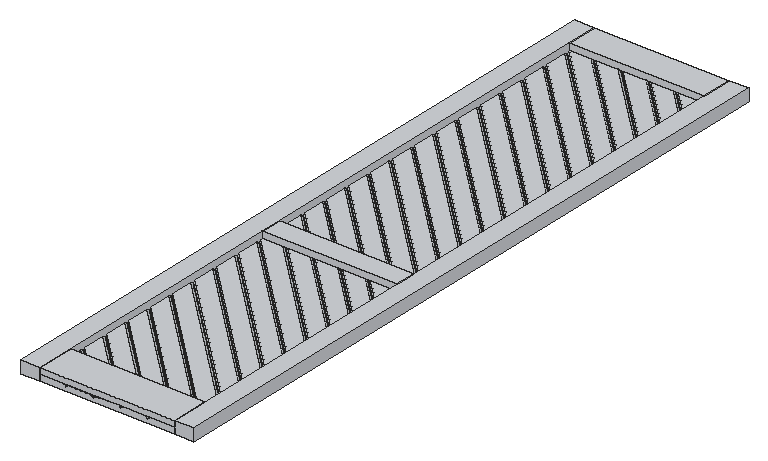
Revit family "Diagonal Panel", category Generic Models, Revit 2017
Family settings
  Can host rebar = No
  Round Connector Dimension = Use Diameter
  Part Type = Normal
  Work Plane-Based = Yes
  Always vertical = No
  Cut with Voids When Loaded = No
  Shared = No
  Room Calculation Point = No
Parameters
  V Groove Span = (Shutter Height * 2) + (Shutter Width * 2)  # 15' - 0"
  V Groove Spacing = 0' - 2"
  URL = "www.newhorizonshutters.com"
  Type Comments = "****All shutter dimensions and configurations to be approved by NHSI****"
  Top Rail = 0' - 3 1/4"
  Shutter Width = 1' - 6"
  Shutter Height = 6' - 0"
  Number Of V Grooves = V Groove Span / V Groove Spacing  # 90
  Model = "Classic Diagonal Panel"
  Mid Rail Height = 2' - 6"
  Mid Rail = 0' - 2 1/4"
  Manufacturer = "New Horizon Shutters"
  Finish Color = none
  Default Elevation = 4' - 0"
  Bottom Rail = 0' - 4"
Reference planes (in)
  plane 1 "Center (Front/Back)": y = 0
  plane 2: z = 0
  plane 3 "Center (Left/Right)": x = 0
  plane 4: y = 36
  plane 5: y = -36
  plane 6: x = 9
  plane 7: x = -9
  plane 8: x = -7
  plane 9: x = 7
  plane 10: z = 0.625
  plane 11: z = 1.25
  plane 12: through (-8.13111, 8.13111, 48) normal (0.7071, 0.7071, 0)
  plane 13: through (-41.14378, 169.57946, 48) normal (0.7071, 0.7071, 0)
  plane 14: through (101.52637, -227.64912, 48) normal (-0.7071, -0.7071, 0)
  plane 15: through (-157.08092, 158.23738, 48) normal (0.7071, 0.7071, 0)
  plane 16: y = 32.75
  plane 17: y = -7.125
  plane 18: y = -32
  plane 19: y = -6
  plane 20: y = -4.875
Forms (in)
  Extrusion 1, solid, material <- "Finish Color"
    sketch origin (0, 0, 0) x (1, 0, 0) y (0, 1, 0)
      loop
        line (-7, 36) -> (-7, -36) -> (7, -36) -> (7, 36) -> (-7, 36)
    from 0 to 0.625
  Extrusion 2, void
    sketch origin (92.57171, 39.42716, 0) x (0.707107, 0.707107, 0) y (0, 0, 1)
      loop
        line (-2.66463, 0.47993) -> (-2.51955, 0.625) -> (-2.89455, 0.625) -> (-2.74948, 0.47993)
        arc (-2.74948, 0.47993) -> (-2.70705, 0.46235) -> (-2.66463, 0.47993) r 0.06
    from -186.5827 to 195.18335
  Extrusion 3, void
    sketch origin (-34.44235, -87.5869, 0) x (0.707107, 0.707107, 0) y (0, 0, 1)
      loop
        line (-2.66463, 0.47993) -> (-2.51955, 0.625) -> (-2.89455, 0.625) -> (-2.74948, 0.47993)
        arc (-2.74948, 0.47993) -> (-2.70705, 0.46235) -> (-2.66463, 0.47993) r 0.06
    from -186.5827 to 195.18335
  Extrusion 4, void
    sketch origin (91.14459, 38.00003, 0) x (0.707107, 0.707107, 0) y (0, 0, 1)
      loop
        line (-2.66463, 0.47993) -> (-2.51955, 0.625) -> (-2.89455, 0.625) -> (-2.74948, 0.47993)
        arc (-2.74948, 0.47993) -> (-2.70705, 0.46235) -> (-2.66463, 0.47993) r 0.06
    from -186.5827 to 195.18335
  Extrusion 5, void
    sketch origin (89.71746, 36.57291, 0) x (0.707107, 0.707107, 0) y (0, 0, 1)
      loop
        line (-2.66463, 0.47993) -> (-2.51955, 0.625) -> (-2.89455, 0.625) -> (-2.74948, 0.47993)
        arc (-2.74948, 0.47993) -> (-2.70705, 0.46235) -> (-2.66463, 0.47993) r 0.06
    from -186.5827 to 195.18335
  Extrusion 6, void
    sketch origin (88.29034, 35.14578, 0) x (0.707107, 0.707107, 0) y (0, 0, 1)
      loop
        line (-2.66463, 0.47993) -> (-2.51955, 0.625) -> (-2.89455, 0.625) -> (-2.74948, 0.47993)
        arc (-2.74948, 0.47993) -> (-2.70705, 0.46235) -> (-2.66463, 0.47993) r 0.06
    from -186.5827 to 195.18335
  Extrusion 7, void
    sketch origin (86.86321, 33.71866, 0) x (0.707107, 0.707107, 0) y (0, 0, 1)
      loop
        line (-2.66463, 0.47993) -> (-2.51955, 0.625) -> (-2.89455, 0.625) -> (-2.74948, 0.47993)
        arc (-2.74948, 0.47993) -> (-2.70705, 0.46235) -> (-2.66463, 0.47993) r 0.06
    from -186.5827 to 195.18335
  Extrusion 8, void
    sketch origin (85.43609, 32.29154, 0) x (0.707107, 0.707107, 0) y (0, 0, 1)
      loop
        line (-2.66463, 0.47993) -> (-2.51955, 0.625) -> (-2.89455, 0.625) -> (-2.74948, 0.47993)
        arc (-2.74948, 0.47993) -> (-2.70705, 0.46235) -> (-2.66463, 0.47993) r 0.06
    from -186.5827 to 195.18335
  Extrusion 9, void
    sketch origin (84.00896, 30.86441, 0) x (0.707107, 0.707107, 0) y (0, 0, 1)
      loop
        line (-2.66463, 0.47993) -> (-2.51955, 0.625) -> (-2.89455, 0.625) -> (-2.74948, 0.47993)
        arc (-2.74948, 0.47993) -> (-2.70705, 0.46235) -> (-2.66463, 0.47993) r 0.06
    from -186.5827 to 195.18335
  Extrusion 10, void
    sketch origin (82.58184, 29.43729, 0) x (0.707107, 0.707107, 0) y (0, 0, 1)
      loop
        line (-2.66463, 0.47993) -> (-2.51955, 0.625) -> (-2.89455, 0.625) -> (-2.74948, 0.47993)
        arc (-2.74948, 0.47993) -> (-2.70705, 0.46235) -> (-2.66463, 0.47993) r 0.06
    from -186.5827 to 195.18335
  Extrusion 11, void
    sketch origin (81.15472, 28.01016, 0) x (0.707107, 0.707107, 0) y (0, 0, 1)
      loop
        line (-2.66463, 0.47993) -> (-2.51955, 0.625) -> (-2.89455, 0.625) -> (-2.74948, 0.47993)
        arc (-2.74948, 0.47993) -> (-2.70705, 0.46235) -> (-2.66463, 0.47993) r 0.06
    from -186.5827 to 195.18335
  Extrusion 12, void
    sketch origin (79.72759, 26.58304, 0) x (0.707107, 0.707107, 0) y (0, 0, 1)
      loop
        line (-2.66463, 0.47993) -> (-2.51955, 0.625) -> (-2.89455, 0.625) -> (-2.74948, 0.47993)
        arc (-2.74948, 0.47993) -> (-2.70705, 0.46235) -> (-2.66463, 0.47993) r 0.06
    from -186.5827 to 195.18335
  Extrusion 13, void
    sketch origin (78.30047, 25.15592, 0) x (0.707107, 0.707107, 0) y (0, 0, 1)
      loop
        line (-2.66463, 0.47993) -> (-2.51955, 0.625) -> (-2.89455, 0.625) -> (-2.74948, 0.47993)
        arc (-2.74948, 0.47993) -> (-2.70705, 0.46235) -> (-2.66463, 0.47993) r 0.06
    from -186.5827 to 195.18335
  Extrusion 14, void
    sketch origin (76.87334, 23.72879, 0) x (0.707107, 0.707107, 0) y (0, 0, 1)
      loop
        line (-2.66463, 0.47993) -> (-2.51955, 0.625) -> (-2.89455, 0.625) -> (-2.74948, 0.47993)
        arc (-2.74948, 0.47993) -> (-2.70705, 0.46235) -> (-2.66463, 0.47993) r 0.06
    from -186.5827 to 195.18335
  Extrusion 15, void
    sketch origin (75.44622, 22.30167, 0) x (0.707107, 0.707107, 0) y (0, 0, 1)
      loop
        line (-2.66463, 0.47993) -> (-2.51955, 0.625) -> (-2.89455, 0.625) -> (-2.74948, 0.47993)
        arc (-2.74948, 0.47993) -> (-2.70705, 0.46235) -> (-2.66463, 0.47993) r 0.06
    from -186.5827 to 195.18335
  Extrusion 16, void
    sketch origin (74.0191, 20.87454, 0) x (0.707107, 0.707107, 0) y (0, 0, 1)
      loop
        line (-2.66463, 0.47993) -> (-2.51955, 0.625) -> (-2.89455, 0.625) -> (-2.74948, 0.47993)
        arc (-2.74948, 0.47993) -> (-2.70705, 0.46235) -> (-2.66463, 0.47993) r 0.06
    from -186.5827 to 195.18335
  Extrusion 17, void
    sketch origin (72.59197, 19.44742, 0) x (0.707107, 0.707107, 0) y (0, 0, 1)
      loop
        line (-2.66463, 0.47993) -> (-2.51955, 0.625) -> (-2.89455, 0.625) -> (-2.74948, 0.47993)
        arc (-2.74948, 0.47993) -> (-2.70705, 0.46235) -> (-2.66463, 0.47993) r 0.06
    from -186.5827 to 195.18335
  Extrusion 18, void
    sketch origin (71.16485, 18.02029, 0) x (0.707107, 0.707107, 0) y (0, 0, 1)
      loop
        line (-2.66463, 0.47993) -> (-2.51955, 0.625) -> (-2.89455, 0.625) -> (-2.74948, 0.47993)
        arc (-2.74948, 0.47993) -> (-2.70705, 0.46235) -> (-2.66463, 0.47993) r 0.06
    from -186.5827 to 195.18335
  Extrusion 19, void
    sketch origin (69.73772, 16.59317, 0) x (0.707107, 0.707107, 0) y (0, 0, 1)
      loop
        line (-2.66463, 0.47993) -> (-2.51955, 0.625) -> (-2.89455, 0.625) -> (-2.74948, 0.47993)
        arc (-2.74948, 0.47993) -> (-2.70705, 0.46235) -> (-2.66463, 0.47993) r 0.06
    from -186.5827 to 195.18335
  Extrusion 20, void
    sketch origin (68.3106, 15.16605, 0) x (0.707107, 0.707107, 0) y (0, 0, 1)
      loop
        line (-2.66463, 0.47993) -> (-2.51955, 0.625) -> (-2.89455, 0.625) -> (-2.74948, 0.47993)
        arc (-2.74948, 0.47993) -> (-2.70705, 0.46235) -> (-2.66463, 0.47993) r 0.06
    from -186.5827 to 195.18335
  Extrusion 21, void
    sketch origin (66.88347, 13.73892, 0) x (0.707107, 0.707107, 0) y (0, 0, 1)
      loop
        line (-2.66463, 0.47993) -> (-2.51955, 0.625) -> (-2.89455, 0.625) -> (-2.74948, 0.47993)
        arc (-2.74948, 0.47993) -> (-2.70705, 0.46235) -> (-2.66463, 0.47993) r 0.06
    from -186.5827 to 195.18335
  Extrusion 22, void
    sketch origin (65.45635, 12.3118, 0) x (0.707107, 0.707107, 0) y (0, 0, 1)
      loop
        line (-2.66463, 0.47993) -> (-2.51955, 0.625) -> (-2.89455, 0.625) -> (-2.74948, 0.47993)
        arc (-2.74948, 0.47993) -> (-2.70705, 0.46235) -> (-2.66463, 0.47993) r 0.06
    from -186.5827 to 195.18335
  Extrusion 23, void
    sketch origin (64.02923, 10.88467, 0) x (0.707107, 0.707107, 0) y (0, 0, 1)
      loop
        line (-2.66463, 0.47993) -> (-2.51955, 0.625) -> (-2.89455, 0.625) -> (-2.74948, 0.47993)
        arc (-2.74948, 0.47993) -> (-2.70705, 0.46235) -> (-2.66463, 0.47993) r 0.06
    from -186.5827 to 195.18335
  Extrusion 24, void
    sketch origin (62.6021, 9.45755, 0) x (0.707107, 0.707107, 0) y (0, 0, 1)
      loop
        line (-2.66463, 0.47993) -> (-2.51955, 0.625) -> (-2.89455, 0.625) -> (-2.74948, 0.47993)
        arc (-2.74948, 0.47993) -> (-2.70705, 0.46235) -> (-2.66463, 0.47993) r 0.06
    from -186.5827 to 195.18335
  Extrusion 25, void
    sketch origin (61.17498, 8.03042, 0) x (0.707107, 0.707107, 0) y (0, 0, 1)
      loop
        line (-2.66463, 0.47993) -> (-2.51955, 0.625) -> (-2.89455, 0.625) -> (-2.74948, 0.47993)
        arc (-2.74948, 0.47993) -> (-2.70705, 0.46235) -> (-2.66463, 0.47993) r 0.06
    from -186.5827 to 195.18335
  Extrusion 26, void
    sketch origin (59.74785, 6.6033, 0) x (0.707107, 0.707107, 0) y (0, 0, 1)
      loop
        line (-2.66463, 0.47993) -> (-2.51955, 0.625) -> (-2.89455, 0.625) -> (-2.74948, 0.47993)
        arc (-2.74948, 0.47993) -> (-2.70705, 0.46235) -> (-2.66463, 0.47993) r 0.06
    from -186.5827 to 195.18335
  Extrusion 27, void
    sketch origin (58.32073, 5.17618, 0) x (0.707107, 0.707107, 0) y (0, 0, 1)
      loop
        line (-2.66463, 0.47993) -> (-2.51955, 0.625) -> (-2.89455, 0.625) -> (-2.74948, 0.47993)
        arc (-2.74948, 0.47993) -> (-2.70705, 0.46235) -> (-2.66463, 0.47993) r 0.06
    from -186.5827 to 195.18335
  Extrusion 28, void
    sketch origin (56.8936, 3.74905, 0) x (0.707107, 0.707107, 0) y (0, 0, 1)
      loop
        line (-2.66463, 0.47993) -> (-2.51955, 0.625) -> (-2.89455, 0.625) -> (-2.74948, 0.47993)
        arc (-2.74948, 0.47993) -> (-2.70705, 0.46235) -> (-2.66463, 0.47993) r 0.06
    from -186.5827 to 195.18335
  Extrusion 29, void
    sketch origin (55.46648, 2.32193, 0) x (0.707107, 0.707107, 0) y (0, 0, 1)
      loop
        line (-2.66463, 0.47993) -> (-2.51955, 0.625) -> (-2.89455, 0.625) -> (-2.74948, 0.47993)
        arc (-2.74948, 0.47993) -> (-2.70705, 0.46235) -> (-2.66463, 0.47993) r 0.06
    from -186.5827 to 195.18335
  Extrusion 30, void
    sketch origin (54.03936, 0.8948, 0) x (0.707107, 0.707107, 0) y (0, 0, 1)
      loop
        line (-2.66463, 0.47993) -> (-2.51955, 0.625) -> (-2.89455, 0.625) -> (-2.74948, 0.47993)
        arc (-2.74948, 0.47993) -> (-2.70705, 0.46235) -> (-2.66463, 0.47993) r 0.06
    from -186.5827 to 195.18335
  Extrusion 31, void
    sketch origin (52.61223, -0.53232, 0) x (0.707107, 0.707107, 0) y (0, 0, 1)
      loop
        line (-2.66463, 0.47993) -> (-2.51955, 0.625) -> (-2.89455, 0.625) -> (-2.74948, 0.47993)
        arc (-2.74948, 0.47993) -> (-2.70705, 0.46235) -> (-2.66463, 0.47993) r 0.06
    from -186.5827 to 195.18335
  Extrusion 32, void
    sketch origin (51.18511, -1.95945, 0) x (0.707107, 0.707107, 0) y (0, 0, 1)
      loop
        line (-2.66463, 0.47993) -> (-2.51955, 0.625) -> (-2.89455, 0.625) -> (-2.74948, 0.47993)
        arc (-2.74948, 0.47993) -> (-2.70705, 0.46235) -> (-2.66463, 0.47993) r 0.06
    from -186.5827 to 195.18335
  Extrusion 33, void
    sketch origin (49.75798, -3.38657, 0) x (0.707107, 0.707107, 0) y (0, 0, 1)
      loop
        line (-2.66463, 0.47993) -> (-2.51955, 0.625) -> (-2.89455, 0.625) -> (-2.74948, 0.47993)
        arc (-2.74948, 0.47993) -> (-2.70705, 0.46235) -> (-2.66463, 0.47993) r 0.06
    from -186.5827 to 195.18335
  Extrusion 34, void
    sketch origin (48.33086, -4.81369, 0) x (0.707107, 0.707107, 0) y (0, 0, 1)
      loop
        line (-2.66463, 0.47993) -> (-2.51955, 0.625) -> (-2.89455, 0.625) -> (-2.74948, 0.47993)
        arc (-2.74948, 0.47993) -> (-2.70705, 0.46235) -> (-2.66463, 0.47993) r 0.06
    from -186.5827 to 195.18335
  Extrusion 35, void
    sketch origin (46.90374, -6.24082, 0) x (0.707107, 0.707107, 0) y (0, 0, 1)
      loop
        line (-2.66463, 0.47993) -> (-2.51955, 0.625) -> (-2.89455, 0.625) -> (-2.74948, 0.47993)
        arc (-2.74948, 0.47993) -> (-2.70705, 0.46235) -> (-2.66463, 0.47993) r 0.06
    from -186.5827 to 195.18335
  Extrusion 36, void
    sketch origin (45.47661, -7.66794, 0) x (0.707107, 0.707107, 0) y (0, 0, 1)
      loop
        line (-2.66463, 0.47993) -> (-2.51955, 0.625) -> (-2.89455, 0.625) -> (-2.74948, 0.47993)
        arc (-2.74948, 0.47993) -> (-2.70705, 0.46235) -> (-2.66463, 0.47993) r 0.06
    from -186.5827 to 195.18335
  Extrusion 37, void
    sketch origin (44.04949, -9.09507, 0) x (0.707107, 0.707107, 0) y (0, 0, 1)
      loop
        line (-2.66463, 0.47993) -> (-2.51955, 0.625) -> (-2.89455, 0.625) -> (-2.74948, 0.47993)
        arc (-2.74948, 0.47993) -> (-2.70705, 0.46235) -> (-2.66463, 0.47993) r 0.06
    from -186.5827 to 195.18335
  Extrusion 38, void
    sketch origin (42.62236, -10.52219, 0) x (0.707107, 0.707107, 0) y (0, 0, 1)
      loop
        line (-2.66463, 0.47993) -> (-2.51955, 0.625) -> (-2.89455, 0.625) -> (-2.74948, 0.47993)
        arc (-2.74948, 0.47993) -> (-2.70705, 0.46235) -> (-2.66463, 0.47993) r 0.06
    from -186.5827 to 195.18335
  Extrusion 39, void
    sketch origin (41.19524, -11.94931, 0) x (0.707107, 0.707107, 0) y (0, 0, 1)
      loop
        line (-2.66463, 0.47993) -> (-2.51955, 0.625) -> (-2.89455, 0.625) -> (-2.74948, 0.47993)
        arc (-2.74948, 0.47993) -> (-2.70705, 0.46235) -> (-2.66463, 0.47993) r 0.06
    from -186.5827 to 195.18335
  Extrusion 40, void
    sketch origin (39.76811, -13.37644, 0) x (0.707107, 0.707107, 0) y (0, 0, 1)
      loop
        line (-2.66463, 0.47993) -> (-2.51955, 0.625) -> (-2.89455, 0.625) -> (-2.74948, 0.47993)
        arc (-2.74948, 0.47993) -> (-2.70705, 0.46235) -> (-2.66463, 0.47993) r 0.06
    from -186.5827 to 195.18335
  Extrusion 41, void
    sketch origin (38.34099, -14.80356, 0) x (0.707107, 0.707107, 0) y (0, 0, 1)
      loop
        line (-2.66463, 0.47993) -> (-2.51955, 0.625) -> (-2.89455, 0.625) -> (-2.74948, 0.47993)
        arc (-2.74948, 0.47993) -> (-2.70705, 0.46235) -> (-2.66463, 0.47993) r 0.06
    from -186.5827 to 195.18335
  Extrusion 42, void
    sketch origin (36.91387, -16.23069, 0) x (0.707107, 0.707107, 0) y (0, 0, 1)
      loop
        line (-2.66463, 0.47993) -> (-2.51955, 0.625) -> (-2.89455, 0.625) -> (-2.74948, 0.47993)
        arc (-2.74948, 0.47993) -> (-2.70705, 0.46235) -> (-2.66463, 0.47993) r 0.06
    from -186.5827 to 195.18335
  Extrusion 43, void
    sketch origin (35.48674, -17.65781, 0) x (0.707107, 0.707107, 0) y (0, 0, 1)
      loop
        line (-2.66463, 0.47993) -> (-2.51955, 0.625) -> (-2.89455, 0.625) -> (-2.74948, 0.47993)
        arc (-2.74948, 0.47993) -> (-2.70705, 0.46235) -> (-2.66463, 0.47993) r 0.06
    from -186.5827 to 195.18335
  Extrusion 44, void
    sketch origin (34.05962, -19.08494, 0) x (0.707107, 0.707107, 0) y (0, 0, 1)
      loop
        line (-2.66463, 0.47993) -> (-2.51955, 0.625) -> (-2.89455, 0.625) -> (-2.74948, 0.47993)
        arc (-2.74948, 0.47993) -> (-2.70705, 0.46235) -> (-2.66463, 0.47993) r 0.06
    from -186.5827 to 195.18335
  Extrusion 45, void
    sketch origin (32.63249, -20.51206, 0) x (0.707107, 0.707107, 0) y (0, 0, 1)
      loop
        line (-2.66463, 0.47993) -> (-2.51955, 0.625) -> (-2.89455, 0.625) -> (-2.74948, 0.47993)
        arc (-2.74948, 0.47993) -> (-2.70705, 0.46235) -> (-2.66463, 0.47993) r 0.06
    from -186.5827 to 195.18335
  Extrusion 46, void
    sketch origin (31.20537, -21.93918, 0) x (0.707107, 0.707107, 0) y (0, 0, 1)
      loop
        line (-2.66463, 0.47993) -> (-2.51955, 0.625) -> (-2.89455, 0.625) -> (-2.74948, 0.47993)
        arc (-2.74948, 0.47993) -> (-2.70705, 0.46235) -> (-2.66463, 0.47993) r 0.06
    from -186.5827 to 195.18335
  Extrusion 47, void
    sketch origin (29.77824, -23.36631, 0) x (0.707107, 0.707107, 0) y (0, 0, 1)
      loop
        line (-2.66463, 0.47993) -> (-2.51955, 0.625) -> (-2.89455, 0.625) -> (-2.74948, 0.47993)
        arc (-2.74948, 0.47993) -> (-2.70705, 0.46235) -> (-2.66463, 0.47993) r 0.06
    from -186.5827 to 195.18335
  Extrusion 48, void
    sketch origin (28.35112, -24.79343, 0) x (0.707107, 0.707107, 0) y (0, 0, 1)
      loop
        line (-2.66463, 0.47993) -> (-2.51955, 0.625) -> (-2.89455, 0.625) -> (-2.74948, 0.47993)
        arc (-2.74948, 0.47993) -> (-2.70705, 0.46235) -> (-2.66463, 0.47993) r 0.06
    from -186.5827 to 195.18335
  Extrusion 49, void
    sketch origin (26.924, -26.22056, 0) x (0.707107, 0.707107, 0) y (0, 0, 1)
      loop
        line (-2.66463, 0.47993) -> (-2.51955, 0.625) -> (-2.89455, 0.625) -> (-2.74948, 0.47993)
        arc (-2.74948, 0.47993) -> (-2.70705, 0.46235) -> (-2.66463, 0.47993) r 0.06
    from -186.5827 to 195.18335
  Extrusion 50, void
    sketch origin (25.49687, -27.64768, 0) x (0.707107, 0.707107, 0) y (0, 0, 1)
      loop
        line (-2.66463, 0.47993) -> (-2.51955, 0.625) -> (-2.89455, 0.625) -> (-2.74948, 0.47993)
        arc (-2.74948, 0.47993) -> (-2.70705, 0.46235) -> (-2.66463, 0.47993) r 0.06
    from -186.5827 to 195.18335
  Extrusion 51, void
    sketch origin (24.06975, -29.07481, 0) x (0.707107, 0.707107, 0) y (0, 0, 1)
      loop
        line (-2.66463, 0.47993) -> (-2.51955, 0.625) -> (-2.89455, 0.625) -> (-2.74948, 0.47993)
        arc (-2.74948, 0.47993) -> (-2.70705, 0.46235) -> (-2.66463, 0.47993) r 0.06
    from -186.5827 to 195.18335
  Extrusion 52, void
    sketch origin (22.64262, -30.50193, 0) x (0.707107, 0.707107, 0) y (0, 0, 1)
      loop
        line (-2.66463, 0.47993) -> (-2.51955, 0.625) -> (-2.89455, 0.625) -> (-2.74948, 0.47993)
        arc (-2.74948, 0.47993) -> (-2.70705, 0.46235) -> (-2.66463, 0.47993) r 0.06
    from -186.5827 to 195.18335
  Extrusion 53, void
    sketch origin (21.2155, -31.92905, 0) x (0.707107, 0.707107, 0) y (0, 0, 1)
      loop
        line (-2.66463, 0.47993) -> (-2.51955, 0.625) -> (-2.89455, 0.625) -> (-2.74948, 0.47993)
        arc (-2.74948, 0.47993) -> (-2.70705, 0.46235) -> (-2.66463, 0.47993) r 0.06
    from -186.5827 to 195.18335
  Extrusion 54, void
    sketch origin (19.78837, -33.35618, 0) x (0.707107, 0.707107, 0) y (0, 0, 1)
      loop
        line (-2.66463, 0.47993) -> (-2.51955, 0.625) -> (-2.89455, 0.625) -> (-2.74948, 0.47993)
        arc (-2.74948, 0.47993) -> (-2.70705, 0.46235) -> (-2.66463, 0.47993) r 0.06
    from -186.5827 to 195.18335
  Extrusion 55, void
    sketch origin (18.36125, -34.7833, 0) x (0.707107, 0.707107, 0) y (0, 0, 1)
      loop
        line (-2.66463, 0.47993) -> (-2.51955, 0.625) -> (-2.89455, 0.625) -> (-2.74948, 0.47993)
        arc (-2.74948, 0.47993) -> (-2.70705, 0.46235) -> (-2.66463, 0.47993) r 0.06
    from -186.5827 to 195.18335
  Extrusion 56, void
    sketch origin (16.93413, -36.21043, 0) x (0.707107, 0.707107, 0) y (0, 0, 1)
      loop
        line (-2.66463, 0.47993) -> (-2.51955, 0.625) -> (-2.89455, 0.625) -> (-2.74948, 0.47993)
        arc (-2.74948, 0.47993) -> (-2.70705, 0.46235) -> (-2.66463, 0.47993) r 0.06
    from -186.5827 to 195.18335
  Extrusion 57, void
    sketch origin (15.507, -37.63755, 0) x (0.707107, 0.707107, 0) y (0, 0, 1)
      loop
        line (-2.66463, 0.47993) -> (-2.51955, 0.625) -> (-2.89455, 0.625) -> (-2.74948, 0.47993)
        arc (-2.74948, 0.47993) -> (-2.70705, 0.46235) -> (-2.66463, 0.47993) r 0.06
    from -186.5827 to 195.18335
  Extrusion 58, void
    sketch origin (14.07988, -39.06467, 0) x (0.707107, 0.707107, 0) y (0, 0, 1)
      loop
        line (-2.66463, 0.47993) -> (-2.51955, 0.625) -> (-2.89455, 0.625) -> (-2.74948, 0.47993)
        arc (-2.74948, 0.47993) -> (-2.70705, 0.46235) -> (-2.66463, 0.47993) r 0.06
    from -186.5827 to 195.18335
  Extrusion 59, void
    sketch origin (12.65275, -40.4918, 0) x (0.707107, 0.707107, 0) y (0, 0, 1)
      loop
        line (-2.66463, 0.47993) -> (-2.51955, 0.625) -> (-2.89455, 0.625) -> (-2.74948, 0.47993)
        arc (-2.74948, 0.47993) -> (-2.70705, 0.46235) -> (-2.66463, 0.47993) r 0.06
    from -186.5827 to 195.18335
  Extrusion 60, void
    sketch origin (11.22563, -41.91892, 0) x (0.707107, 0.707107, 0) y (0, 0, 1)
      loop
        line (-2.66463, 0.47993) -> (-2.51955, 0.625) -> (-2.89455, 0.625) -> (-2.74948, 0.47993)
        arc (-2.74948, 0.47993) -> (-2.70705, 0.46235) -> (-2.66463, 0.47993) r 0.06
    from -186.5827 to 195.18335
  Extrusion 61, void
    sketch origin (9.79851, -43.34605, 0) x (0.707107, 0.707107, 0) y (0, 0, 1)
      loop
        line (-2.66463, 0.47993) -> (-2.51955, 0.625) -> (-2.89455, 0.625) -> (-2.74948, 0.47993)
        arc (-2.74948, 0.47993) -> (-2.70705, 0.46235) -> (-2.66463, 0.47993) r 0.06
    from -186.5827 to 195.18335
  Extrusion 62, void
    sketch origin (8.37138, -44.77317, 0) x (0.707107, 0.707107, 0) y (0, 0, 1)
      loop
        line (-2.66463, 0.47993) -> (-2.51955, 0.625) -> (-2.89455, 0.625) -> (-2.74948, 0.47993)
        arc (-2.74948, 0.47993) -> (-2.70705, 0.46235) -> (-2.66463, 0.47993) r 0.06
    from -186.5827 to 195.18335
  Extrusion 63, void
    sketch origin (6.94426, -46.2003, 0) x (0.707107, 0.707107, 0) y (0, 0, 1)
      loop
        line (-2.66463, 0.47993) -> (-2.51955, 0.625) -> (-2.89455, 0.625) -> (-2.74948, 0.47993)
        arc (-2.74948, 0.47993) -> (-2.70705, 0.46235) -> (-2.66463, 0.47993) r 0.06
    from -186.5827 to 195.18335
  Extrusion 64, void
    sketch origin (5.51713, -47.62742, 0) x (0.707107, 0.707107, 0) y (0, 0, 1)
      loop
        line (-2.66463, 0.47993) -> (-2.51955, 0.625) -> (-2.89455, 0.625) -> (-2.74948, 0.47993)
        arc (-2.74948, 0.47993) -> (-2.70705, 0.46235) -> (-2.66463, 0.47993) r 0.06
    from -186.5827 to 195.18335
  Extrusion 65, void
    sketch origin (4.09001, -49.05454, 0) x (0.707107, 0.707107, 0) y (0, 0, 1)
      loop
        line (-2.66463, 0.47993) -> (-2.51955, 0.625) -> (-2.89455, 0.625) -> (-2.74948, 0.47993)
        arc (-2.74948, 0.47993) -> (-2.70705, 0.46235) -> (-2.66463, 0.47993) r 0.06
    from -186.5827 to 195.18335
  Extrusion 66, void
    sketch origin (2.66288, -50.48167, 0) x (0.707107, 0.707107, 0) y (0, 0, 1)
      loop
        line (-2.66463, 0.47993) -> (-2.51955, 0.625) -> (-2.89455, 0.625) -> (-2.74948, 0.47993)
        arc (-2.74948, 0.47993) -> (-2.70705, 0.46235) -> (-2.66463, 0.47993) r 0.06
    from -186.5827 to 195.18335
  Extrusion 67, void
    sketch origin (1.23576, -51.90879, 0) x (0.707107, 0.707107, 0) y (0, 0, 1)
      loop
        line (-2.66463, 0.47993) -> (-2.51955, 0.625) -> (-2.89455, 0.625) -> (-2.74948, 0.47993)
        arc (-2.74948, 0.47993) -> (-2.70705, 0.46235) -> (-2.66463, 0.47993) r 0.06
    from -186.5827 to 195.18335
  Extrusion 68, void
    sketch origin (-0.19136, -53.33592, 0) x (0.707107, 0.707107, 0) y (0, 0, 1)
      loop
        line (-2.66463, 0.47993) -> (-2.51955, 0.625) -> (-2.89455, 0.625) -> (-2.74948, 0.47993)
        arc (-2.74948, 0.47993) -> (-2.70705, 0.46235) -> (-2.66463, 0.47993) r 0.06
    from -186.5827 to 195.18335
  Extrusion 69, void
    sketch origin (-1.61849, -54.76304, 0) x (0.707107, 0.707107, 0) y (0, 0, 1)
      loop
        line (-2.66463, 0.47993) -> (-2.51955, 0.625) -> (-2.89455, 0.625) -> (-2.74948, 0.47993)
        arc (-2.74948, 0.47993) -> (-2.70705, 0.46235) -> (-2.66463, 0.47993) r 0.06
    from -186.5827 to 195.18335
  Extrusion 70, void
    sketch origin (-3.04561, -56.19017, 0) x (0.707107, 0.707107, 0) y (0, 0, 1)
      loop
        line (-2.66463, 0.47993) -> (-2.51955, 0.625) -> (-2.89455, 0.625) -> (-2.74948, 0.47993)
        arc (-2.74948, 0.47993) -> (-2.70705, 0.46235) -> (-2.66463, 0.47993) r 0.06
    from -186.5827 to 195.18335
  Extrusion 71, void
    sketch origin (-4.47274, -57.61729, 0) x (0.707107, 0.707107, 0) y (0, 0, 1)
      loop
        line (-2.66463, 0.47993) -> (-2.51955, 0.625) -> (-2.89455, 0.625) -> (-2.74948, 0.47993)
        arc (-2.74948, 0.47993) -> (-2.70705, 0.46235) -> (-2.66463, 0.47993) r 0.06
    from -186.5827 to 195.18335
  Extrusion 72, void
    sketch origin (-5.89986, -59.04441, 0) x (0.707107, 0.707107, 0) y (0, 0, 1)
      loop
        line (-2.66463, 0.47993) -> (-2.51955, 0.625) -> (-2.89455, 0.625) -> (-2.74948, 0.47993)
        arc (-2.74948, 0.47993) -> (-2.70705, 0.46235) -> (-2.66463, 0.47993) r 0.06
    from -186.5827 to 195.18335
  Extrusion 73, void
    sketch origin (-7.32699, -60.47154, 0) x (0.707107, 0.707107, 0) y (0, 0, 1)
      loop
        line (-2.66463, 0.47993) -> (-2.51955, 0.625) -> (-2.89455, 0.625) -> (-2.74948, 0.47993)
        arc (-2.74948, 0.47993) -> (-2.70705, 0.46235) -> (-2.66463, 0.47993) r 0.06
    from -186.5827 to 195.18335
  Extrusion 74, void
    sketch origin (-8.75411, -61.89866, 0) x (0.707107, 0.707107, 0) y (0, 0, 1)
      loop
        line (-2.66463, 0.47993) -> (-2.51955, 0.625) -> (-2.89455, 0.625) -> (-2.74948, 0.47993)
        arc (-2.74948, 0.47993) -> (-2.70705, 0.46235) -> (-2.66463, 0.47993) r 0.06
    from -186.5827 to 195.18335
  Extrusion 75, void
    sketch origin (-10.18123, -63.32579, 0) x (0.707107, 0.707107, 0) y (0, 0, 1)
      loop
        line (-2.66463, 0.47993) -> (-2.51955, 0.625) -> (-2.89455, 0.625) -> (-2.74948, 0.47993)
        arc (-2.74948, 0.47993) -> (-2.70705, 0.46235) -> (-2.66463, 0.47993) r 0.06
    from -186.5827 to 195.18335
  Extrusion 76, void
    sketch origin (-11.60836, -64.75291, 0) x (0.707107, 0.707107, 0) y (0, 0, 1)
      loop
        line (-2.66463, 0.47993) -> (-2.51955, 0.625) -> (-2.89455, 0.625) -> (-2.74948, 0.47993)
        arc (-2.74948, 0.47993) -> (-2.70705, 0.46235) -> (-2.66463, 0.47993) r 0.06
    from -186.5827 to 195.18335
  Extrusion 77, void
    sketch origin (-13.03548, -66.18004, 0) x (0.707107, 0.707107, 0) y (0, 0, 1)
      loop
        line (-2.66463, 0.47993) -> (-2.51955, 0.625) -> (-2.89455, 0.625) -> (-2.74948, 0.47993)
        arc (-2.74948, 0.47993) -> (-2.70705, 0.46235) -> (-2.66463, 0.47993) r 0.06
    from -186.5827 to 195.18335
  Extrusion 78, void
    sketch origin (-14.46261, -67.60716, 0) x (0.707107, 0.707107, 0) y (0, 0, 1)
      loop
        line (-2.66463, 0.47993) -> (-2.51955, 0.625) -> (-2.89455, 0.625) -> (-2.74948, 0.47993)
        arc (-2.74948, 0.47993) -> (-2.70705, 0.46235) -> (-2.66463, 0.47993) r 0.06
    from -186.5827 to 195.18335
  Extrusion 79, void
    sketch origin (-15.88973, -69.03428, 0) x (0.707107, 0.707107, 0) y (0, 0, 1)
      loop
        line (-2.66463, 0.47993) -> (-2.51955, 0.625) -> (-2.89455, 0.625) -> (-2.74948, 0.47993)
        arc (-2.74948, 0.47993) -> (-2.70705, 0.46235) -> (-2.66463, 0.47993) r 0.06
    from -186.5827 to 195.18335
  Extrusion 80, void
    sketch origin (-17.31685, -70.46141, 0) x (0.707107, 0.707107, 0) y (0, 0, 1)
      loop
        line (-2.66463, 0.47993) -> (-2.51955, 0.625) -> (-2.89455, 0.625) -> (-2.74948, 0.47993)
        arc (-2.74948, 0.47993) -> (-2.70705, 0.46235) -> (-2.66463, 0.47993) r 0.06
    from -186.5827 to 195.18335
  Extrusion 81, void
    sketch origin (-18.74398, -71.88853, 0) x (0.707107, 0.707107, 0) y (0, 0, 1)
      loop
        line (-2.66463, 0.47993) -> (-2.51955, 0.625) -> (-2.89455, 0.625) -> (-2.74948, 0.47993)
        arc (-2.74948, 0.47993) -> (-2.70705, 0.46235) -> (-2.66463, 0.47993) r 0.06
    from -186.5827 to 195.18335
  Extrusion 82, void
    sketch origin (-20.1711, -73.31566, 0) x (0.707107, 0.707107, 0) y (0, 0, 1)
      loop
        line (-2.66463, 0.47993) -> (-2.51955, 0.625) -> (-2.89455, 0.625) -> (-2.74948, 0.47993)
        arc (-2.74948, 0.47993) -> (-2.70705, 0.46235) -> (-2.66463, 0.47993) r 0.06
    from -186.5827 to 195.18335
  Extrusion 83, void
    sketch origin (-21.59823, -74.74278, 0) x (0.707107, 0.707107, 0) y (0, 0, 1)
      loop
        line (-2.66463, 0.47993) -> (-2.51955, 0.625) -> (-2.89455, 0.625) -> (-2.74948, 0.47993)
        arc (-2.74948, 0.47993) -> (-2.70705, 0.46235) -> (-2.66463, 0.47993) r 0.06
    from -186.5827 to 195.18335
  Extrusion 84, solid, material <- "Finish Color"
    sketch origin (0, 0, 0) x (1, 0, 0) y (0, 1, 0)
      loop
        line (-7, -32) -> (-7, -36) -> (7, -36) -> (7, -32) -> (-7, -32)
    from 0.625 to 1.25
  Extrusion 85, solid, material <- "Finish Color"
    sketch origin (0, 0, 0) x (1, 0, 0) y (0, 1, 0)
      loop
        line (-7, -4.875) -> (-7, -7.125) -> (7, -7.125) -> (7, -4.875) -> (-7, -4.875)
    from 0.625 to 1.25
  Extrusion 86, solid, material <- "Finish Color"
    sketch origin (0, 0, 0) x (1, 0, 0) y (0, 1, 0)
      loop
        line (-7, 36) -> (-7, 32.75) -> (7, 32.75) -> (7, 36) -> (-7, 36)
    from 0.625 to 1.25
  Extrusion 87, solid, material <- "Finish Color"
    sketch origin (0, 0, 0) x (1, 0, 0) y (0, 1, 0)
      loop
        line (-9, 36) -> (-9, -36) -> (-7, -36) -> (-7, 36) -> (-9, 36)
      loop
        line (7, 36) -> (7, -36) -> (9, -36) -> (9, 36) -> (7, 36)
    from 0 to 1.25
  Extrusion 88, void
    sketch origin (-23.02535, -76.1699, 0) x (0.707107, 0.707107, 0) y (0, 0, 1)
      loop
        line (-2.66463, 0.47993) -> (-2.51955, 0.625) -> (-2.89455, 0.625) -> (-2.74948, 0.47993)
        arc (-2.74948, 0.47993) -> (-2.70705, 0.46235) -> (-2.66463, 0.47993) r 0.06
    from -186.5827 to 195.18335
  Extrusion 89, void
    sketch origin (-24.45248, -77.59703, 0) x (0.707107, 0.707107, 0) y (0, 0, 1)
      loop
        line (-2.66463, 0.47993) -> (-2.51955, 0.625) -> (-2.89455, 0.625) -> (-2.74948, 0.47993)
        arc (-2.74948, 0.47993) -> (-2.70705, 0.46235) -> (-2.66463, 0.47993) r 0.06
    from -186.5827 to 195.18335
  Extrusion 90, void
    sketch origin (-25.8796, -79.02415, 0) x (0.707107, 0.707107, 0) y (0, 0, 1)
      loop
        line (-2.66463, 0.47993) -> (-2.51955, 0.625) -> (-2.89455, 0.625) -> (-2.74948, 0.47993)
        arc (-2.74948, 0.47993) -> (-2.70705, 0.46235) -> (-2.66463, 0.47993) r 0.06
    from -186.5827 to 195.18335
  Extrusion 91, void
    sketch origin (-27.30672, -80.45128, 0) x (0.707107, 0.707107, 0) y (0, 0, 1)
      loop
        line (-2.66463, 0.47993) -> (-2.51955, 0.625) -> (-2.89455, 0.625) -> (-2.74948, 0.47993)
        arc (-2.74948, 0.47993) -> (-2.70705, 0.46235) -> (-2.66463, 0.47993) r 0.06
    from -186.5827 to 195.18335
  Extrusion 92, void
    sketch origin (-28.73385, -81.8784, 0) x (0.707107, 0.707107, 0) y (0, 0, 1)
      loop
        line (-2.66463, 0.47993) -> (-2.51955, 0.625) -> (-2.89455, 0.625) -> (-2.74948, 0.47993)
        arc (-2.74948, 0.47993) -> (-2.70705, 0.46235) -> (-2.66463, 0.47993) r 0.06
    from -186.5827 to 195.18335
  Extrusion 93, void
    sketch origin (-30.16097, -83.30553, 0) x (0.707107, 0.707107, 0) y (0, 0, 1)
      loop
        line (-2.66463, 0.47993) -> (-2.51955, 0.625) -> (-2.89455, 0.625) -> (-2.74948, 0.47993)
        arc (-2.74948, 0.47993) -> (-2.70705, 0.46235) -> (-2.66463, 0.47993) r 0.06
    from -186.5827 to 195.18335
  Extrusion 94, void
    sketch origin (-31.5881, -84.73265, 0) x (0.707107, 0.707107, 0) y (0, 0, 1)
      loop
        line (-2.66463, 0.47993) -> (-2.51955, 0.625) -> (-2.89455, 0.625) -> (-2.74948, 0.47993)
        arc (-2.74948, 0.47993) -> (-2.70705, 0.46235) -> (-2.66463, 0.47993) r 0.06
    from -186.5827 to 195.18335
  Extrusion 95, void
    sketch origin (-33.01522, -86.15977, 0) x (0.707107, 0.707107, 0) y (0, 0, 1)
      loop
        line (-2.66463, 0.47993) -> (-2.51955, 0.625) -> (-2.89455, 0.625) -> (-2.74948, 0.47993)
        arc (-2.74948, 0.47993) -> (-2.70705, 0.46235) -> (-2.66463, 0.47993) r 0.06
    from -186.5827 to 195.18335
Cuts and joins
  Extrusion 2, Extrusion 3, Extrusion 4, Extrusion 18, Extrusion 19, Extrusion 20, Extrusion 21, Extrusion 22, Extrusion 23, Extrusion 24, Extrusion 25, Extrusion 26, Extrusion 27, Extrusion 28, Extrusion 29, Extrusion 30, Extrusion 31, Extrusion 32, Extrusion 33, Extrusion 34, Extrusion 35, Extrusion 36, Extrusion 37, Extrusion 38, Extrusion 39, Extrusion 40, Extrusion 41, Extrusion 42, Extrusion 43, Extrusion 44, Extrusion 45, Extrusion 46, Extrusion 47, Extrusion 48, Extrusion 49, Extrusion 50, Extrusion 51, Extrusion 52, Extrusion 53, Extrusion 54, Extrusion 55, Extrusion 56, Extrusion 57, Extrusion 58, Extrusion 59, Extrusion 60, Extrusion 61, Extrusion 62, Extrusion 63, Extrusion 64, Extrusion 65, Extrusion 66, Extrusion 67, Extrusion 68, Extrusion 69, Extrusion 70, Extrusion 71, Extrusion 72, Extrusion 73, Extrusion 74, Extrusion 75, Extrusion 76, Extrusion 77, Extrusion 78, Extrusion 79, Extrusion 80, Extrusion 81, Extrusion 82, Extrusion 83 cuts Extrusion 1
Lines and regions (in)
  reference lines
    curve 1: line (0.13258, 0.13258, 0) -> (-0.13258, -0.13258, 0)
    curve 2: line (-2.40752, 76.57734, 0) -> (-2.14235, 76.8425, 0)
Dimensions and locks (in)
  equal spacing: plane 7, plane 3 "Center (Left/Right)", plane 6
  equal spacing: plane 4, plane 1 "Center (Front/Back)", plane 5
  "Shutter Height": plane 4 to plane 5
  "Shutter Width": plane 7 to plane 6
  locked: plane 7 to plane 8 at 2
  locked: plane 9 to plane 6 at 2
  equal spacing: plane 11, plane 10, level
  plane 11 to level = 0' - 1 1/4"
  equal spacing: group 2, group 90, group 89, group 88, group 87, group 86, group 85, group 84, group 83, group 82, group 81, group 80, group 79, group 78, group 77, group 76, group 75, group 74, group 73, group 72, group 71, group 70, group 69, group 68, group 67, group 66, group 65, group 64, group 63, group 62, group 61, group 60, group 59, group 58, group 57, group 56, group 55, group 54, group 53, group 52, group 51, group 50, group 49, group 48, group 47, group 46, group 45, group 44, group 43, group 42, group 41, group 40, group 39, group 38, group 37, group 36, group 35, group 34, group 33, group 32, group 31, group 30, group 29, group 28, group 27, group 26, group 25, group 24, group 23, group 22, group 21, group 20, group 19, group 18, group 17, group 16, group 15, group 14, group 13, group 12, group 11, group 10, group 9, group 8, group 7, group 6, group 5, group 4, group 3, group 1  (x2)
  equal spacing: group 1, group 3, group 4, group 5, group 6, group 7, group 8, group 9, group 10, group 11, group 12, group 13, group 14, group 15, group 16, group 17, group 18, group 19, group 20, group 21, group 22, group 23, group 24, group 25, group 26, group 27, group 28, group 29, group 30, group 31, group 32, group 33, group 34, group 35, group 36, group 37, group 38, group 39, group 40, group 41, group 42, group 43, group 44, group 45, group 46, group 47, group 48, group 49, group 50, group 51, group 52, group 53, group 54, group 55, group 56, group 57, group 58, group 59, group 60, group 61, group 62, group 63, group 64, group 65, group 66, group 67, group 68, group 69, group 70, group 71, group 72, group 73, group 74, group 75, group 76, group 77, group 78, group 79, group 80, group 81, group 82, group 83, group 84, group 85, group 86, group 87, group 88, group 89, group 90, group 2
  "V Groove Span": plane 13 to plane 14
  equal spacing: plane 13, plane 15, plane 14
  "Bottom Rail": plane 18 to plane 5
  "Top Rail": plane 4 to plane 16
  "Mid Rail Height": plane 19 to plane 5
  equal spacing: plane 20, plane 19, plane 17
  "Mid Rail": plane 20 to plane 17
  aligned and locked: plane 2 to level
  aligned and locked: Extrusion 1 sketch curve to plane 4
  aligned and locked: plane 8 to Extrusion 1 sketch curve
  aligned and locked: plane 5 to Extrusion 1 sketch curve
  aligned and locked: Extrusion 1 sketch curve to plane 9
  aligned and locked: Extrusion 1 to level
  aligned and locked: Extrusion 1 to plane 10
  aligned and locked: plane 13 to Extrusion 2
  aligned and locked: plane 14 to Extrusion 3
  aligned and locked: Extrusion 84 sketch curve to plane 18
  aligned and locked: plane 8 to Extrusion 84 sketch curve
  aligned and locked: Extrusion 84 sketch curve to cut or joined group 1 (Extrusion 1, Extrusion 2, Extrusion 3, Extrusion 4, Extrusion 18, Extrusion 19, Extrusion 20, Extrusion 21, Extrusion 22, Extrusion 23, Extrusion 24, Extrusion 25, Extrusion 26, Extrusion 27, Extrusion 28, Extrusion 29, Extrusion 30, Extrusion 31, Extrusion 32, Extrusion 33, Extrusion 34, Extrusion 35, Extrusion 36, Extrusion 37, Extrusion 38, Extrusion 39, Extrusion 40, Extrusion 41, Extrusion 42, Extrusion 43, Extrusion 44, Extrusion 45, Extrusion 46, Extrusion 47, Extrusion 48, Extrusion 49, Extrusion 50, Extrusion 51, Extrusion 52, Extrusion 53, Extrusion 54, Extrusion 55, Extrusion 56, Extrusion 57, Extrusion 58, Extrusion 59, Extrusion 60, Extrusion 61, Extrusion 62, Extrusion 63, Extrusion 64, Extrusion 65, Extrusion 66, Extrusion 67, Extrusion 68, Extrusion 69, Extrusion 70, Extrusion 71, Extrusion 72, Extrusion 73, Extrusion 74, Extrusion 75, Extrusion 76, Extrusion 77, Extrusion 78, Extrusion 79, Extrusion 80, Extrusion 81, Extrusion 82, Extrusion 83)  (x2)
  aligned and locked: Extrusion 84 to plane 10
  aligned and locked: plane 11 to Extrusion 84
  aligned and locked: Extrusion 85 sketch curve to plane 20
  aligned and locked: plane 8 to Extrusion 85 sketch curve
  aligned and locked: plane 17 to Extrusion 85 sketch curve
  aligned and locked: Extrusion 85 sketch curve to plane 9
  aligned and locked: Extrusion 85 to plane 10
  aligned and locked: plane 11 to Extrusion 85
  aligned and locked: Extrusion 86 sketch curve to cut or joined group 1  (x2)
  aligned and locked: plane 16 to Extrusion 86 sketch curve
  aligned and locked: Extrusion 86 sketch curve to plane 9
  aligned and locked: Extrusion 86 to plane 10
  aligned and locked: Extrusion 86 to plane 11
  aligned and locked: Extrusion 87 sketch curve to plane 4
  aligned and locked: plane 7 to Extrusion 87 sketch curve
  aligned and locked: Extrusion 87 sketch curve to cut or joined group 1  (x4)
  aligned and locked: plane 5 to Extrusion 87 sketch curve
  aligned and locked: Extrusion 87 sketch curve to plane 6
  aligned and locked: Extrusion 87 to level
  aligned and locked: plane 11 to Extrusion 87
Automatic sketch dimensions
  Extrusion 2 sketch curve to Extrusion 2 sketch curve = 0' - 0.04243"  (x3)
  Extrusion 2 sketch curve to Extrusion 2 sketch curve = 0' - 0.14507"  (x3)
  Extrusion 3 sketch curve to Extrusion 3 sketch curve = 0' - 0.04243"  (x3)
  Extrusion 3 sketch curve to Extrusion 3 sketch curve = 0' - 0.14507"  (x3)
  Extrusion 4 sketch curve to Extrusion 4 sketch curve = 0' - 0.04243"  (x3)
  Extrusion 4 sketch curve to Extrusion 4 sketch curve = 0' - 0.14507"  (x3)
  Extrusion 5 sketch curve to Extrusion 5 sketch curve = 0' - 0.04243"  (x3)
  Extrusion 5 sketch curve to Extrusion 5 sketch curve = 0' - 0.14507"  (x3)
  Extrusion 6 sketch curve to Extrusion 6 sketch curve = 0' - 0.04243"  (x3)
  Extrusion 6 sketch curve to Extrusion 6 sketch curve = 0' - 0.14507"  (x3)
  Extrusion 7 sketch curve to Extrusion 7 sketch curve = 0' - 0.04243"  (x3)
  Extrusion 7 sketch curve to Extrusion 7 sketch curve = 0' - 0.14507"  (x3)
  Extrusion 8 sketch curve to Extrusion 8 sketch curve = 0' - 0.04243"  (x3)
  Extrusion 8 sketch curve to Extrusion 8 sketch curve = 0' - 0.14507"  (x3)
  Extrusion 9 sketch curve to Extrusion 9 sketch curve = 0' - 0.04243"  (x3)
  Extrusion 9 sketch curve to Extrusion 9 sketch curve = 0' - 0.14507"  (x3)
  Extrusion 10 sketch curve to Extrusion 10 sketch curve = 0' - 0.04243"  (x3)
  Extrusion 10 sketch curve to Extrusion 10 sketch curve = 0' - 0.14507"  (x3)
  Extrusion 11 sketch curve to Extrusion 11 sketch curve = 0' - 0.04243"  (x3)
  Extrusion 11 sketch curve to Extrusion 11 sketch curve = 0' - 0.14507"  (x3)
  Extrusion 12 sketch curve to Extrusion 12 sketch curve = 0' - 0.04243"  (x3)
  Extrusion 12 sketch curve to Extrusion 12 sketch curve = 0' - 0.14507"  (x3)
  Extrusion 13 sketch curve to Extrusion 13 sketch curve = 0' - 0.04243"  (x3)
  Extrusion 13 sketch curve to Extrusion 13 sketch curve = 0' - 0.14507"  (x3)
  Extrusion 14 sketch curve to Extrusion 14 sketch curve = 0' - 0.04243"  (x3)
  Extrusion 14 sketch curve to Extrusion 14 sketch curve = 0' - 0.14507"  (x3)
  Extrusion 15 sketch curve to Extrusion 15 sketch curve = 0' - 0.04243"  (x3)
  Extrusion 15 sketch curve to Extrusion 15 sketch curve = 0' - 0.14507"  (x3)
  Extrusion 16 sketch curve to Extrusion 16 sketch curve = 0' - 0.04243"  (x3)
  Extrusion 16 sketch curve to Extrusion 16 sketch curve = 0' - 0.14507"  (x3)
  Extrusion 17 sketch curve to Extrusion 17 sketch curve = 0' - 0.04243"  (x3)
  Extrusion 17 sketch curve to Extrusion 17 sketch curve = 0' - 0.14507"  (x3)
  Extrusion 18 sketch curve to Extrusion 18 sketch curve = 0' - 0.04243"  (x3)
  Extrusion 18 sketch curve to Extrusion 18 sketch curve = 0' - 0.14507"  (x3)
  Extrusion 19 sketch curve to Extrusion 19 sketch curve = 0' - 0.04243"  (x3)
  Extrusion 19 sketch curve to Extrusion 19 sketch curve = 0' - 0.14507"  (x3)
  Extrusion 20 sketch curve to Extrusion 20 sketch curve = 0' - 0.04243"  (x3)
  Extrusion 20 sketch curve to Extrusion 20 sketch curve = 0' - 0.14507"  (x3)
  Extrusion 21 sketch curve to Extrusion 21 sketch curve = 0' - 0.04243"  (x3)
  Extrusion 21 sketch curve to Extrusion 21 sketch curve = 0' - 0.14507"  (x3)
  Extrusion 22 sketch curve to Extrusion 22 sketch curve = 0' - 0.04243"  (x3)
  Extrusion 22 sketch curve to Extrusion 22 sketch curve = 0' - 0.14507"  (x3)
  Extrusion 23 sketch curve to Extrusion 23 sketch curve = 0' - 0.04243"  (x3)
  Extrusion 23 sketch curve to Extrusion 23 sketch curve = 0' - 0.14507"  (x3)
  Extrusion 24 sketch curve to Extrusion 24 sketch curve = 0' - 0.04243"  (x3)
  Extrusion 24 sketch curve to Extrusion 24 sketch curve = 0' - 0.14507"  (x3)
  Extrusion 25 sketch curve to Extrusion 25 sketch curve = 0' - 0.04243"  (x3)
  Extrusion 25 sketch curve to Extrusion 25 sketch curve = 0' - 0.14507"  (x3)
  Extrusion 26 sketch curve to Extrusion 26 sketch curve = 0' - 0.04243"  (x3)
  Extrusion 26 sketch curve to Extrusion 26 sketch curve = 0' - 0.14507"  (x3)
  Extrusion 27 sketch curve to Extrusion 27 sketch curve = 0' - 0.04243"  (x3)
  Extrusion 27 sketch curve to Extrusion 27 sketch curve = 0' - 0.14507"  (x3)
  Extrusion 28 sketch curve to Extrusion 28 sketch curve = 0' - 0.04243"  (x3)
  Extrusion 28 sketch curve to Extrusion 28 sketch curve = 0' - 0.14507"  (x3)
  Extrusion 29 sketch curve to Extrusion 29 sketch curve = 0' - 0.04243"  (x3)
  Extrusion 29 sketch curve to Extrusion 29 sketch curve = 0' - 0.14507"  (x3)
  Extrusion 30 sketch curve to Extrusion 30 sketch curve = 0' - 0.04243"  (x3)
  Extrusion 30 sketch curve to Extrusion 30 sketch curve = 0' - 0.14507"  (x3)
  Extrusion 31 sketch curve to Extrusion 31 sketch curve = 0' - 0.04243"  (x3)
  Extrusion 31 sketch curve to Extrusion 31 sketch curve = 0' - 0.14507"  (x3)
  Extrusion 32 sketch curve to Extrusion 32 sketch curve = 0' - 0.04243"  (x3)
  Extrusion 32 sketch curve to Extrusion 32 sketch curve = 0' - 0.14507"  (x3)
  Extrusion 33 sketch curve to Extrusion 33 sketch curve = 0' - 0.04243"  (x3)
  Extrusion 33 sketch curve to Extrusion 33 sketch curve = 0' - 0.14507"  (x3)
  Extrusion 34 sketch curve to Extrusion 34 sketch curve = 0' - 0.04243"  (x3)
  Extrusion 34 sketch curve to Extrusion 34 sketch curve = 0' - 0.14507"  (x3)
  Extrusion 35 sketch curve to Extrusion 35 sketch curve = 0' - 0.04243"  (x3)
  Extrusion 35 sketch curve to Extrusion 35 sketch curve = 0' - 0.14507"  (x3)
  Extrusion 36 sketch curve to Extrusion 36 sketch curve = 0' - 0.04243"  (x3)
  Extrusion 36 sketch curve to Extrusion 36 sketch curve = 0' - 0.14507"  (x3)
  Extrusion 37 sketch curve to Extrusion 37 sketch curve = 0' - 0.04243"  (x3)
  Extrusion 37 sketch curve to Extrusion 37 sketch curve = 0' - 0.14507"  (x3)
  Extrusion 38 sketch curve to Extrusion 38 sketch curve = 0' - 0.04243"  (x3)
  Extrusion 38 sketch curve to Extrusion 38 sketch curve = 0' - 0.14507"  (x3)
  Extrusion 39 sketch curve to Extrusion 39 sketch curve = 0' - 0.04243"  (x3)
  Extrusion 39 sketch curve to Extrusion 39 sketch curve = 0' - 0.14507"  (x3)
  Extrusion 40 sketch curve to Extrusion 40 sketch curve = 0' - 0.04243"  (x3)
  Extrusion 40 sketch curve to Extrusion 40 sketch curve = 0' - 0.14507"  (x3)
  Extrusion 41 sketch curve to Extrusion 41 sketch curve = 0' - 0.04243"  (x3)
  Extrusion 41 sketch curve to Extrusion 41 sketch curve = 0' - 0.14507"  (x3)
  Extrusion 42 sketch curve to Extrusion 42 sketch curve = 0' - 0.04243"  (x3)
  Extrusion 42 sketch curve to Extrusion 42 sketch curve = 0' - 0.14507"  (x3)
  Extrusion 43 sketch curve to Extrusion 43 sketch curve = 0' - 0.04243"  (x3)
  Extrusion 43 sketch curve to Extrusion 43 sketch curve = 0' - 0.14507"  (x3)
  plane 8 to curve 2 = 0' - 4.59248"
  curve 2 to curve 2 = 0' - 0.26517"  (x2)
  curve 1 to plane 3 "Center (Left/Right)" = 0' - 0.13258"
  plane 3 "Center (Left/Right)" to curve 1 = 0' - 0.13258"
  plane 1 "Center (Front/Back)" to curve 1 = 0' - 0.13258"
  curve 1 to plane 1 "Center (Front/Back)" = 0' - 0.13258"
  plane 4 to curve 2 = 3' - 4.57734"
  Extrusion 44 sketch curve to Extrusion 44 sketch curve = 0' - 0.04243"  (x3)
  Extrusion 44 sketch curve to Extrusion 44 sketch curve = 0' - 0.14507"  (x3)
  Extrusion 45 sketch curve to Extrusion 45 sketch curve = 0' - 0.04243"  (x3)
  Extrusion 45 sketch curve to Extrusion 45 sketch curve = 0' - 0.14507"  (x3)
  Extrusion 46 sketch curve to Extrusion 46 sketch curve = 0' - 0.04243"  (x3)
  Extrusion 46 sketch curve to Extrusion 46 sketch curve = 0' - 0.14507"  (x3)
  Extrusion 47 sketch curve to Extrusion 47 sketch curve = 0' - 0.04243"  (x3)
  Extrusion 47 sketch curve to Extrusion 47 sketch curve = 0' - 0.14507"  (x3)
  Extrusion 48 sketch curve to Extrusion 48 sketch curve = 0' - 0.04243"  (x3)
  Extrusion 48 sketch curve to Extrusion 48 sketch curve = 0' - 0.14507"  (x3)
  Extrusion 49 sketch curve to Extrusion 49 sketch curve = 0' - 0.04243"  (x3)
  Extrusion 49 sketch curve to Extrusion 49 sketch curve = 0' - 0.14507"  (x3)
  Extrusion 50 sketch curve to Extrusion 50 sketch curve = 0' - 0.04243"  (x3)
  Extrusion 50 sketch curve to Extrusion 50 sketch curve = 0' - 0.14507"  (x3)
  Extrusion 51 sketch curve to Extrusion 51 sketch curve = 0' - 0.04243"  (x3)
  Extrusion 51 sketch curve to Extrusion 51 sketch curve = 0' - 0.14507"  (x3)
  Extrusion 52 sketch curve to Extrusion 52 sketch curve = 0' - 0.04243"  (x3)
  Extrusion 52 sketch curve to Extrusion 52 sketch curve = 0' - 0.14507"  (x3)
  Extrusion 53 sketch curve to Extrusion 53 sketch curve = 0' - 0.04243"  (x3)
  Extrusion 53 sketch curve to Extrusion 53 sketch curve = 0' - 0.14507"  (x3)
  Extrusion 54 sketch curve to Extrusion 54 sketch curve = 0' - 0.04243"  (x3)
  Extrusion 54 sketch curve to Extrusion 54 sketch curve = 0' - 0.14507"  (x3)
  Extrusion 55 sketch curve to Extrusion 55 sketch curve = 0' - 0.04243"  (x3)
  Extrusion 55 sketch curve to Extrusion 55 sketch curve = 0' - 0.14507"  (x3)
  Extrusion 56 sketch curve to Extrusion 56 sketch curve = 0' - 0.04243"  (x3)
  Extrusion 56 sketch curve to Extrusion 56 sketch curve = 0' - 0.14507"  (x3)
  Extrusion 57 sketch curve to Extrusion 57 sketch curve = 0' - 0.04243"  (x3)
  Extrusion 57 sketch curve to Extrusion 57 sketch curve = 0' - 0.14507"  (x3)
  Extrusion 58 sketch curve to Extrusion 58 sketch curve = 0' - 0.04243"  (x3)
  Extrusion 58 sketch curve to Extrusion 58 sketch curve = 0' - 0.14507"  (x3)
  Extrusion 59 sketch curve to Extrusion 59 sketch curve = 0' - 0.04243"  (x3)
  Extrusion 59 sketch curve to Extrusion 59 sketch curve = 0' - 0.14507"  (x3)
  Extrusion 60 sketch curve to Extrusion 60 sketch curve = 0' - 0.04243"  (x3)
  Extrusion 60 sketch curve to Extrusion 60 sketch curve = 0' - 0.14507"  (x3)
  Extrusion 61 sketch curve to Extrusion 61 sketch curve = 0' - 0.04243"  (x3)
  Extrusion 61 sketch curve to Extrusion 61 sketch curve = 0' - 0.14507"  (x3)
  Extrusion 62 sketch curve to Extrusion 62 sketch curve = 0' - 0.04243"  (x3)
  Extrusion 62 sketch curve to Extrusion 62 sketch curve = 0' - 0.14507"  (x3)
  Extrusion 63 sketch curve to Extrusion 63 sketch curve = 0' - 0.04243"  (x3)
  Extrusion 63 sketch curve to Extrusion 63 sketch curve = 0' - 0.14507"  (x3)
  Extrusion 64 sketch curve to Extrusion 64 sketch curve = 0' - 0.04243"  (x3)
  Extrusion 64 sketch curve to Extrusion 64 sketch curve = 0' - 0.14507"  (x3)
  Extrusion 65 sketch curve to Extrusion 65 sketch curve = 0' - 0.04243"  (x3)
  Extrusion 65 sketch curve to Extrusion 65 sketch curve = 0' - 0.14507"  (x3)
  Extrusion 66 sketch curve to Extrusion 66 sketch curve = 0' - 0.04243"  (x3)
  Extrusion 66 sketch curve to Extrusion 66 sketch curve = 0' - 0.14507"  (x3)
  Extrusion 67 sketch curve to Extrusion 67 sketch curve = 0' - 0.04243"  (x3)
  Extrusion 67 sketch curve to Extrusion 67 sketch curve = 0' - 0.14507"  (x3)
  Extrusion 68 sketch curve to Extrusion 68 sketch curve = 0' - 0.04243"  (x3)
  Extrusion 68 sketch curve to Extrusion 68 sketch curve = 0' - 0.14507"  (x3)
  Extrusion 69 sketch curve to Extrusion 69 sketch curve = 0' - 0.04243"  (x3)
  Extrusion 69 sketch curve to Extrusion 69 sketch curve = 0' - 0.14507"  (x3)
  Extrusion 70 sketch curve to Extrusion 70 sketch curve = 0' - 0.04243"  (x3)
  Extrusion 70 sketch curve to Extrusion 70 sketch curve = 0' - 0.14507"  (x3)
  Extrusion 71 sketch curve to Extrusion 71 sketch curve = 0' - 0.04243"  (x3)
  Extrusion 71 sketch curve to Extrusion 71 sketch curve = 0' - 0.14507"  (x3)
  Extrusion 72 sketch curve to Extrusion 72 sketch curve = 0' - 0.04243"  (x3)
  Extrusion 72 sketch curve to Extrusion 72 sketch curve = 0' - 0.14507"  (x3)
  Extrusion 73 sketch curve to Extrusion 73 sketch curve = 0' - 0.04243"  (x3)
  Extrusion 73 sketch curve to Extrusion 73 sketch curve = 0' - 0.14507"  (x3)
  Extrusion 74 sketch curve to Extrusion 74 sketch curve = 0' - 0.04243"  (x3)
  Extrusion 74 sketch curve to Extrusion 74 sketch curve = 0' - 0.14507"  (x3)
  Extrusion 75 sketch curve to Extrusion 75 sketch curve = 0' - 0.04243"  (x3)
  Extrusion 75 sketch curve to Extrusion 75 sketch curve = 0' - 0.14507"  (x3)
  Extrusion 76 sketch curve to Extrusion 76 sketch curve = 0' - 0.04243"  (x3)
  Extrusion 76 sketch curve to Extrusion 76 sketch curve = 0' - 0.14507"  (x3)
  Extrusion 77 sketch curve to Extrusion 77 sketch curve = 0' - 0.04243"  (x3)
  Extrusion 77 sketch curve to Extrusion 77 sketch curve = 0' - 0.14507"  (x3)
  Extrusion 78 sketch curve to Extrusion 78 sketch curve = 0' - 0.04243"  (x3)
  Extrusion 78 sketch curve to Extrusion 78 sketch curve = 0' - 0.14507"  (x3)
  Extrusion 79 sketch curve to Extrusion 79 sketch curve = 0' - 0.04243"  (x3)
  Extrusion 79 sketch curve to Extrusion 79 sketch curve = 0' - 0.14507"  (x3)
  Extrusion 80 sketch curve to Extrusion 80 sketch curve = 0' - 0.04243"  (x3)
  Extrusion 80 sketch curve to Extrusion 80 sketch curve = 0' - 0.14507"  (x3)
  Extrusion 81 sketch curve to Extrusion 81 sketch curve = 0' - 0.04243"  (x3)
  Extrusion 81 sketch curve to Extrusion 81 sketch curve = 0' - 0.14507"  (x3)
  Extrusion 82 sketch curve to Extrusion 82 sketch curve = 0' - 0.04243"  (x3)
  Extrusion 82 sketch curve to Extrusion 82 sketch curve = 0' - 0.14507"  (x3)
  Extrusion 83 sketch curve to Extrusion 83 sketch curve = 0' - 0.04243"  (x3)
  Extrusion 83 sketch curve to Extrusion 83 sketch curve = 0' - 0.14507"  (x3)
  Extrusion 88 sketch curve to Extrusion 88 sketch curve = 0' - 0.04243"  (x3)
  Extrusion 88 sketch curve to Extrusion 88 sketch curve = 0' - 0.14507"  (x3)
  Extrusion 89 sketch curve to Extrusion 89 sketch curve = 0' - 0.04243"  (x3)
  Extrusion 89 sketch curve to Extrusion 89 sketch curve = 0' - 0.14507"  (x3)
  Extrusion 90 sketch curve to Extrusion 90 sketch curve = 0' - 0.04243"  (x3)
  Extrusion 90 sketch curve to Extrusion 90 sketch curve = 0' - 0.14507"  (x3)
  Extrusion 91 sketch curve to Extrusion 91 sketch curve = 0' - 0.04243"  (x3)
  Extrusion 91 sketch curve to Extrusion 91 sketch curve = 0' - 0.14507"  (x3)
  Extrusion 92 sketch curve to Extrusion 92 sketch curve = 0' - 0.04243"  (x3)
  Extrusion 92 sketch curve to Extrusion 92 sketch curve = 0' - 0.14507"  (x3)
  Extrusion 93 sketch curve to Extrusion 93 sketch curve = 0' - 0.04243"  (x3)
  Extrusion 93 sketch curve to Extrusion 93 sketch curve = 0' - 0.14507"  (x3)
  Extrusion 94 sketch curve to Extrusion 94 sketch curve = 0' - 0.04243"  (x3)
  Extrusion 94 sketch curve to Extrusion 94 sketch curve = 0' - 0.14507"  (x3)
  Extrusion 95 sketch curve to Extrusion 95 sketch curve = 0' - 0.04243"  (x3)
  Extrusion 95 sketch curve to Extrusion 95 sketch curve = 0' - 0.14507"  (x3)
